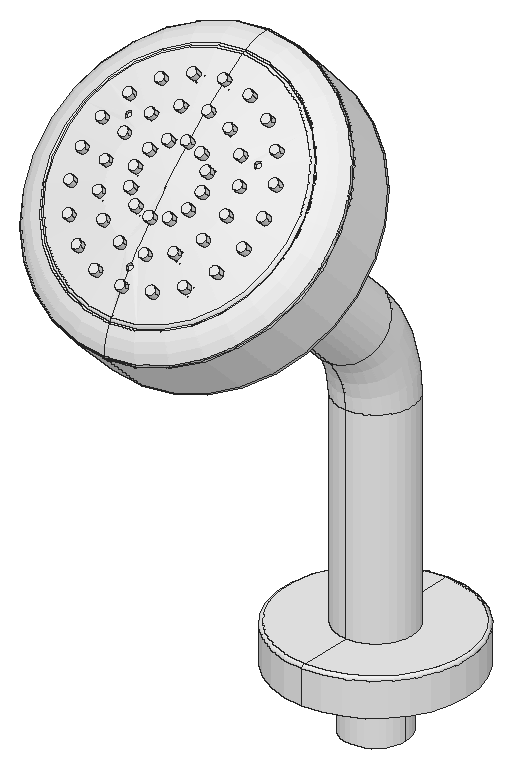
Revit family "Shower_Wall_Dorf Luminous LED Fixed (Round)", category Plumbing Fixtures, host Face, Revit 2014
Parameters (values of type "Standard")
  WELSRating_ANZRS = "WELS 3 star rated, 9L/min"  # constant formula
  URL = "http://specify.caroma.com.au/"
  Type Comments = "Dorf Luminous LED Fixed Wall Shower (Round)"  # constant formula
  ModifiedIssue_ANZRS = 20160204.54  # constant formula
  Model = "9268.043A"
  Material_ANZRS = Metal-Chrome-Caroma
  Manufacturer = "Dorf"  # constant formula
  ConnectorDiameter = 20 mm
  Description = "TBC"  # constant formula
  Default Elevation = 1800 mm
  CreatedBy_ANZRS = "Design Content"  # constant formula
  CreatedByURL_ANZRS = "http://www.designcontent.com.au"
  Assembly Code = "D2010710"
Reference planes
  plane 1 "Center (Front/Back)": y = 0
  plane 2: z = 0
  plane 3 "Center (Left/Right)": x = 0
Forms (mm)
  Revolve 1, solid, material "Metal-Chrome-Caroma" <- "Material_ANZRS"
    sketch origin (0, 0, 0) x (0, 1, 0) y (0, 0, 1)
      loop
        line (0, 0) -> (0, 11.912) -> (-28.988, 11.912)
        arc (-28.988, 11.912) -> (-29.695, 11.619) -> (-29.988, 10.912) r 0.999
        line (-29.988, 10.912) -> (-29.988, 0) -> (0, 0)
      axis (0, 11.912) -> (0, 0)
    angle from 0 to 360
  Sweep 2, solid, material "Metal-Chrome-Caroma" <- "Material_ANZRS"
    path origin (0, 0, 0) x (0, 1, 0) y (0, 0, 1)
      loop
        line (-38.891, 115.832) -> (-19.029, 95.971)
        arc (-19.029, 95.971) -> (-13.827, 88.184) -> (-12, 79) r 24
        line (-12, 79) -> (-12, 10.455)
    profile origin (0, -12, 44.728) x (1, 0, 0) y (0, 1, 0)
      loop
        circle (0, 11.965) r 12
  Revolve 3, solid, material "Metal-Chrome-Caroma" <- "Material_ANZRS"
    sketch origin (0, 0, 0) x (0, 1, 0) y (0, 0, 1)
      loop
        line (-30.406, 124.317) -> (-22.346, 132.377) -> (-32.104, 142.135) -> (-35.471, 141.541) -> (-37.501, 143.544)
        arc (-37.501, 143.544) -> (-37.801, 146.995) -> (-39.178, 150.173) r 10.81
        line (-39.178, 150.173) -> (-37.195, 152.156)
        arc (-37.195, 152.156) -> (-36.901, 152.867) -> (-37.195, 153.579) r 1.006
        line (-37.195, 153.579) -> (-45.322, 161.705) -> (-46.721, 163.539)
        arc (-46.721, 163.539) -> (-46.774, 164.209) -> (-46.53, 164.836) r 1.509
        arc (-46.53, 164.836) -> (-37.587, 175.923) -> (-29.092, 187.362) r 338.746
        arc (-29.092, 187.362) -> (-28.736, 188.661) -> (-29.301, 189.884) r 1.963
        line (-29.301, 189.884) -> (-43.124, 204.198)
        arc (-43.124, 204.198) -> (-43.473, 204.348) -> (-43.826, 204.204) r 0.492
        line (-43.826, 204.204) -> (-77.065, 170.976) -> (-30.406, 124.317)
      axis (-30.406, 124.317) -> (-77.065, 170.976)
    angle from 0 to 360
  Revolve 4, solid, material "Metal-Chrome-Caroma" <- "Material_ANZRS"
    sketch origin (0, 0, 0) x (0, 1, 0) y (0, 0, 1)
      loop
        arc (-43.709, 204.297) -> (-43.758, 204.752) -> (-44.175, 204.939) r 0.459
        arc (-44.175, 204.939) -> (-48.727, 204.491) -> (-52.956, 202.749) r 15.696
        line (-52.956, 202.749) -> (-80.897, 174.809) -> (-77.064, 170.975) -> (-43.709, 204.297)
      axis (-77.047, 170.959) -> (-80.897, 174.809)
    angle from 0 to 360
  Revolve 5, solid, material "Metal-Chrome-Caroma" <- "Material_ANZRS"
    sketch origin (0, 0, 0) x (0, 1, 0) y (0, 0, 1)
      loop
        arc (-53.33, 202.376) -> (-53.889, 202.364) -> (-54.402, 202.14) r 1.434
        arc (-54.402, 202.14) -> (-70.163, 191.179) -> (-84.489, 178.401) r 159.164
        line (-84.489, 178.401) -> (-80.897, 174.809) -> (-53.33, 202.376)
      axis (-80.897, 174.809) -> (-84.489, 178.401)
    angle from 0 to 360
  Extrusion 6, solid, material "Metal-Chrome-Caroma" <- "Material_ANZRS", detail levels fine
    sketch origin (0, -77.064, 170.975) x (-1, 0, 0) y (0, 0.707107, 0.707107)
      loop
        circle (-17.48, 24.13) r 1.462
      loop
        circle (-24.089, 17.522) r 1.462
      loop
        circle (-28.354, 9.227) r 1.462
      loop
        circle (-29.778, 0.043) r 1.462
      loop
        circle (-28.321, -9.198) r 1.462
      loop
        circle (-24.118, -17.483) r 1.462
      loop
        circle (-17.425, -24.099) r 1.462
      loop
        circle (-9.21, -28.305) r 1.462
      loop
        circle (-0.117, -29.789) r 1.462
      loop
        circle (9.239, -28.334) r 1.462
      loop
        circle (17.469, -24.082) r 1.462
      loop
        circle (24.124, -17.466) r 1.462
      loop
        circle (28.33, -9.119) r 1.462
      loop
        circle (29.788, 0.064) r 1.462
      loop
        circle (28.365, 9.207) r 1.462
      loop
        circle (24.084, 17.508) r 1.462
      loop
        circle (17.477, 24.116) r 1.462
      loop
        circle (9.197, 28.354) r 1.462
      loop
        circle (-0.009, 29.825) r 1.462
      loop
        circle (-9.223, 28.326) r 1.462
    from -9.345 to 0
  Extrusion 7, solid, material "Metal-Chrome-Caroma" <- "Material_ANZRS", detail levels fine
    sketch origin (0, -84.196, 163.843) x (-1, 0, 0) y (0, 0.707107, 0.707107)
      loop
        circle (-15.84, 22.88) r 1.462
      loop
        circle (-19.714, 15.256) r 1.462
      loop
        circle (-20.14, 6.95) r 1.462
      loop
        circle (-17.124, -1.064) r 1.462
      loop
        circle (-11.114, -6.958) r 1.462
      loop
        circle (-3.191, -10.053) r 1.462
      loop
        circle (5.328, -9.587) r 1.462
      loop
        circle (12.896, -5.682) r 1.462
      loop
        circle (18.165, 0.877) r 1.462
      loop
        circle (20.376, 9.007) r 1.462
      loop
        circle (19.006, 17.391) r 1.462
      loop
        circle (14.385, 24.495) r 1.462
      loop
        circle (7.318, 29.095) r 1.462
      loop
        circle (-1.064, 30.489) r 1.462
      loop
        circle (-9.223, 28.248) r 1.462
    from -10.803 to 0
  Extrusion 8, solid, material "Metal-Chrome-Caroma" <- "Material_ANZRS", detail levels fine
    sketch origin (-1.297, -89.986, 158.053) x (-1, 0, 0) y (0, 0.707107, 0.707107)
      loop
        circle (-1.297, 29.188) r 1.5
      loop
        circle (-6.742, 27.718) r 1.5
      loop
        circle (-10.759, 23.779) r 1.5
      loop
        circle (-12.182, 18.333) r 1.5
      loop
        circle (-10.766, 12.869) r 1.5
      loop
        circle (-6.783, 8.886) r 1.5
      loop
        circle (-1.297, 7.425) r 1.5
      loop
        circle (4.136, 8.841) r 1.5
      loop
        circle (8.146, 12.812) r 1.5
      loop
        circle (9.685, 18.228) r 1.5
      loop
        circle (8.126, 23.783) r 1.5
      loop
        circle (4.141, 27.748) r 1.5
    from -11.723 to 0
  Extrusion 9, void, detail levels fine
    sketch origin (0, -77.064, 170.975) x (1, 0, 0) y (0, 0.707107, 0.707107)
      loop
        circle (0, -24.449) r 1
      loop
        circle (-21.213, 12.295) r 1
      loop
        circle (21.24, 12.287) r 1
    from 8.087 to 11.723
  Extrusion 10, solid, material "Metal-Chrome-Caroma" <- "Material_ANZRS"
    sketch origin (0, 0, 28.7) x (0, 1, 0) y (-1, 0, 0)
      loop
        circle (0, 0) r 10
    from -28.7 to -48.7
Cuts and joins
  Extrusion 9 cuts Revolve 3
  Extrusion 9 cuts Revolve 4
  Extrusion 9 cuts Revolve 5
  joined: Revolve 1, Extrusion 10
Lines and regions (mm)
  Masking region 1
    outline origin (0, 0, 28.7) x (0, 1, 0) y (-1, 0, 0)
      loop
        arc (29.988, 0) -> (6.129, 29.354) -> (-27.482, 12) r 29.988
        line (-27.482, 12) -> (-29.765, 12)
        arc (-29.765, 12) -> (-32.326, 21.175) -> (-36.358, 29.805) r 57.853
        arc (-36.358, 29.805) -> (-40.368, 35.556) -> (-45.336, 40.504) r 39.299
        arc (-45.336, 40.504) -> (-48.946, 43.177) -> (-52.961, 45.193) r 26.158
        arc (-52.961, 45.193) -> (-56.883, 46.536) -> (-60.992, 47.086) r 21.112
        line (-60.992, 47.086) -> (-77.687, 47.669)
        arc (-77.687, 47.669) -> (-85.238, 46.178) -> (-92.062, 42.618) r 27.017
        spline (-92.062, 42.618) -> (-94.816, 40.52) -> (-97.419, 38.067) -> (-99.848, 35.28) -> (-102.083, 32.185) -> (-104.103, 28.807) -> (-105.891, 25.178) -> (-107.432, 21.327) -> (-108.711, 17.29) -> (-109.717, 13.102) -> (-110.443, 8.799) -> (-110.881, 4.419) -> (-111.027, 0)
        spline (-111.027, 0) -> (-110.839, -5.011) -> (-110.276, -9.965) -> (-109.345, -14.807) -> (-108.056, -19.482) -> (-106.425, -23.937) -> (-104.468, -28.123) -> (-102.209, -31.992) -> (-99.673, -35.5) -> (-96.887, -38.609) -> (-93.885, -41.283) -> (-90.699, -43.491) -> (-87.366, -45.209)
        arc (-87.366, -45.209) -> (-81.106, -46.972) -> (-74.621, -47.454) r 32.532
        line (-74.621, -47.454) -> (-61.416, -47.112)
        spline (-61.416, -47.112) -> (-60.396, -47.037) -> (-59.378, -46.918) -> (-58.363, -46.755) -> (-57.352, -46.548) -> (-56.346, -46.297) -> (-55.345, -46.002) -> (-54.352, -45.665) -> (-53.366, -45.284) -> (-52.39, -44.861) -> (-51.422, -44.396) -> (-50.466, -43.889) -> (-49.52, -43.341)
        arc (-49.52, -43.341) -> (-43.487, -38.953) -> (-38.6, -33.317) r 32.845
        arc (-38.6, -33.317) -> (-33.077, -23.119) -> (-29.781, -12) r 55.794
        line (-29.781, -12) -> (-27.482, -12)
        arc (-27.482, -12) -> (6.129, -29.354) -> (29.988, 0) r 29.988
  symbolic lines
    curve 1: line (12, 0, 124.311) -> (12, 0, 11.911)
    curve 2: line (-12, 0, 124.311) -> (-12, 0, 11.911)
    curve 3: line (-29.983, 0, 0) -> (29.983, 0, 0)
    curve 4: line (29.983, 0, 0) -> (29.983, 0, 11.911)
    curve 5: line (-29.983, 0, 11.911) -> (-12, 0, 11.911)
    curve 6: line (-29.983, 0, 0) -> (-29.983, 0, 11.911)
    curve 7: line (12, 0, 11.911) -> (29.983, 0, 11.911)
    curve 8: spline (0, 0, 189.884) -> (11.222, 0, 188.926) -> (21.799, 0, 186.106) -> (31.123, 0, 181.587) -> (38.658, 0, 175.629) -> (43.97, 0, 168.574) -> (46.754, 0, 160.827) -> (46.85, 0, 152.834) -> (44.253, 0, 145.055) -> (39.111, 0, 137.936) -> (31.721, 0, 131.888) -> (22.508, 0, 127.258) -> (12, 0, 124.311)
    curve 9: spline (-12, 0, 124.311) -> (-22.508, 0, 127.258) -> (-31.721, 0, 131.888) -> (-39.111, 0, 137.936) -> (-44.253, 0, 145.055) -> (-46.85, 0, 152.834) -> (-46.754, 0, 160.827) -> (-43.97, 0, 168.574) -> (-38.658, 0, 175.629) -> (-31.123, 0, 181.587) -> (-21.799, 0, 186.106) -> (-11.222, 0, 188.926) -> (0, 0, 189.884)
    curve 10: arc (12, -0.035, 28.7) -> (8.485, 8.451, 28.7) -> (0, 11.965, 28.7) r 12
    curve 11: arc (0, 11.965, 28.7) -> (-8.485, 8.451, 28.7) -> (-12, -0.035, 28.7) r 12
    curve 12: spline (0, -54.402, 28.7) -> (9.851, -55.319, 28.7) -> (19.031, -58.007, 28.7) -> (26.913, -62.284, 28.7) -> (32.962, -67.858, 28.7) -> (36.764, -74.349, 28.7) -> (38.061, -81.315, 28.7) -> (36.764, -88.28, 28.7) -> (32.962, -94.771, 28.7) -> (26.913, -100.345, 28.7) -> (19.031, -104.622, 28.7) -> (9.851, -107.311, 28.7) -> (0, -108.228, 28.7)
    curve 13: spline (0, -108.228, 28.7) -> (-9.851, -107.311, 28.7) -> (-19.031, -104.622, 28.7) -> (-26.913, -100.345, 28.7) -> (-32.962, -94.771, 28.7) -> (-36.764, -88.28, 28.7) -> (-38.061, -81.315, 28.7) -> (-36.764, -74.349, 28.7) -> (-32.962, -67.858, 28.7) -> (-26.913, -62.284, 28.7) -> (-19.031, -58.007, 28.7) -> (-9.851, -55.319, 28.7) -> (0, -54.402, 28.7)
    curve 14: spline (0, -108.838, 28.7) -> (-10.227, -107.885, 28.7) -> (-19.757, -105.094, 28.7) -> (-27.941, -100.654, 28.7) -> (-34.22, -94.867, 28.7) -> (-38.167, -88.129, 28.7) -> (-39.514, -80.897, 28.7) -> (-38.167, -73.665, 28.7) -> (-34.22, -66.927, 28.7) -> (-27.941, -61.14, 28.7) -> (-19.757, -56.7, 28.7) -> (-10.227, -53.909, 28.7) -> (0, -52.956, 28.7)
    curve 15: spline (0, -52.956, 28.7) -> (10.227, -53.909, 28.7) -> (19.757, -56.7, 28.7) -> (27.941, -61.14, 28.7) -> (34.22, -66.927, 28.7) -> (38.167, -73.665, 28.7) -> (39.514, -80.897, 28.7) -> (38.167, -88.129, 28.7) -> (34.22, -94.867, 28.7) -> (27.941, -100.654, 28.7) -> (19.757, -105.094, 28.7) -> (10.227, -107.885, 28.7) -> (0, -108.838, 28.7)
    curve 16: arc (12, -29.781, 28.7) -> (0.001, -28.677, 28.7) -> (-12, -29.766, 28.7) r 66.249
    curve 17: spline (0, -43.709, 28.7) -> (12.203, -44.845, 28.7) -> (23.574, -48.175, 28.7) -> (33.338, -53.473, 28.7) -> (40.831, -60.378, 28.7) -> (45.541, -68.419, 28.7) -> (47.147, -77.047, 28.7) -> (45.541, -85.676, 28.7) -> (40.831, -93.716, 28.7) -> (33.338, -100.621, 28.7) -> (23.574, -105.919, 28.7) -> (12.203, -109.249, 28.7) -> (0, -110.385, 28.7)
    curve 18: spline (0, -110.385, 28.7) -> (-12.203, -109.249, 28.7) -> (-23.574, -105.919, 28.7) -> (-33.338, -100.621, 28.7) -> (-40.831, -93.716, 28.7) -> (-45.541, -85.676, 28.7) -> (-47.147, -77.047, 28.7) -> (-45.541, -68.419, 28.7) -> (-40.831, -60.378, 28.7) -> (-33.338, -53.473, 28.7) -> (-23.574, -48.175, 28.7) -> (-12.203, -44.845, 28.7) -> (0, -43.709, 28.7)
    curve 19: line (12, -0.035, 28.7) -> (12, -29.781, 28.7)
    curve 20: line (-12, -0.035, 28.7) -> (-12, -29.766, 28.7)
Dimensions and locks
  aligned and locked: plane 2 to host face
  aligned and locked: level to host face
Connectors
  piping at (0, 0, -20), diameter 20, driven by "ConnectorDiameter"
    settings: on Extrusion 10, index 1, connector inside diameter 609.6 mm, connector length 0 mm, flow factor 0, pipe flow 0.0 L/s, pressure drop 0.0 Pa, fitting loss kfactor 0, connector angle 0.00°, fixture units 0, engagement length 0 mm, angle of deflection 0.00°, flow configuration 3, flow direction 1, fitting loss method 0, system type 19, joint type 0, gender type 0, connector reference index -1, connector utility 0, adjustable connector no, is connector primary yes, connector description "Hot Inlet"
